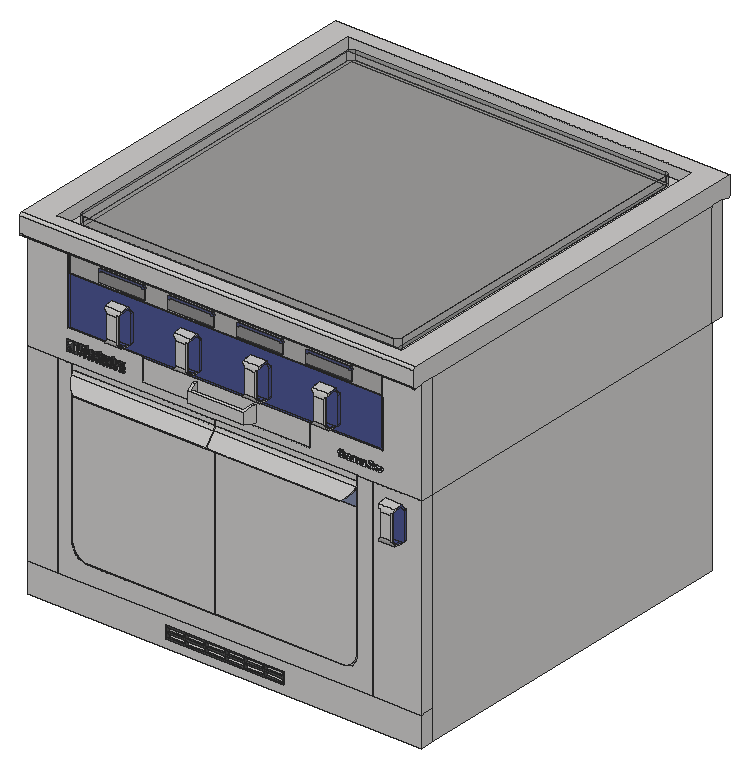
Revit family "QF_ELECTROLUXPROFESSIONAL_588469_MATHEAH4AO", category Attrezzature speciali, Revit 2020
Family settings
  Quota connettore circolare = Usa diametro
  Tipo di parte = Normale
  Basato su piano di lavoro = No
  Sempre verticale = Sì
  Taglio con vuoti quando caricato = No
  Condiviso = No
  Punto di calcolo locali = No
Parameters (values of type "Standard")
  Weight = 143.00 kg
  Watts = 14300 W
  Volts = 400 V
  URL Manufacturer = "https://www.electroluxprofessional.com/"
  URL = "https://www.electroluxprofessional.com/"
  Steam Supply Size = 0"
  Steam Supply Minimum Pressure = 0.00 psi
  Steam Supply Maximum Pressure = 0.00 psi
  Steam Consumption per Hour = 0
  Refrigeration Suction Line Size = 0 mm
  Refrigeration Liquid Line Size = 0 mm
  Refrigerant Compressor Remote = yes
  Prospetto di default = 0 mm
  Phase = 3
  Modello = "MATHEAH4AO"
  Produttore = "Electrolux Professional"
  Length Actual = 800 mm  # constant formula
  Item Number = "588469"
  Hot Water Size = 0"
  Height Actual = 700 mm  # constant formula
  HP = "19.2 HP"
  Gas Size = 0"
  Gas KW = 0
  Gas Input Pressure = 0.0 Btu/h
  Direct Waste Size = 0"
  Descrizione = "EL.FREE COOK.WARM.CAB.1S,800X800X700H"
  Depth Actual = 800 mm  # constant formula
  Cycle = 50 Hz
  Condensate Return Size = 0"
  Compressed Air Volume = 0 GPM
  Compressed Air Size = 0"
  Compressed Air Pressure = 0.00 psi
  Cold Water Size = 0"
  Accessory = yes
Reference planes
  plane 1 "BACK": y = 0
  plane 2: z = 0
  plane 3 "LEFT": x = 0
  plane 4 "RIGHT": x = 800
  plane 5 "FRONT": y = -800
  plane 6 "TOP": z = 900
  plane 7 "Center (Left/Right)": x = 400
  plane 8: y = -400
  plane 9: z = 200
  plane 10: y = -150
  plane 11 "Panel": y = -755
  plane 12: z = 798
  plane 13: z = 1327
  plane 14: x = 78
  plane 15: x = 722
  plane 16: y = -150
  plane 17: y = -650
  plane 18 "EIx": x = 755
  plane 19 "EIy": y = -585
  plane 20: x = 380
  plane 21 "BASE_TOP": z = 650
  plane 22: x = 60
  plane 23: x = 700
  plane 24: z = 260
Forms (mm)
  Extrusion 1, solid, material "QF_Finishes_Stainless Steel"
    sketch origin (-178.969, -4571, 200) x (-1, 0, 0) y (0, -1, 0)
      loop
        line (-178.969, -4526) -> (-178.969, -3816) -> (-978.969, -3816) -> (-978.969, -4526) -> (-178.969, -4526)
    from 450 to 663
  Extrusion 2, solid, material "QF_Finishes_Stainless Steel"
    sketch origin (0, 0, 0) x (0, 1, 0) y (0, 0, 1)
      loop
        line (-755, 200) -> (-755, 260) -> (-780, 260) -> (-780, 200) -> (-755, 200)
    from 0 to 800
  Extrusion 3, solid, material "QF_Finishes_Stainless Steel"
    sketch origin (-588.969, -4562, 200) x (-1, 0, 0) y (0, -1, 0)
      loop
        circle (-1343.969, -3977) r 6.35
    from 0 to -11.851
  Extrusion 4, solid, material "QF_Finishes_Stainless Steel"
    sketch origin (400, 296.4, 1219.2) x (0, 1, 0) y (0, 0, 1)
      loop
        line (-296.4, -319.2) -> (-1091.4, -319.2)
        arc (-1091.4, -319.2) -> (-1094.935, -320.664) -> (-1096.4, -324.2) r 5
        line (-1096.4, -324.2) -> (-1096.4, -355.2)
        arc (-1096.4, -355.2) -> (-1094.971, -358.264) -> (-1091.705, -359.139) r 4
        line (-1091.705, -359.139) -> (-1076.4, -356.231) -> (-316.4, -356.231) -> (-301.094, -359.139)
        arc (-301.094, -359.139) -> (-297.829, -358.264) -> (-296.4, -355.2) r 4
        line (-296.4, -355.2) -> (-296.4, -319.2)
    from -400 to 400
  Extrusion 5, solid, material "QF_Finishes_Electrolux_Black Smoke Iluminated"
    sketch origin (0, 0, 900) x (-1, 0, 0) y (0, -1, 0)
      loop
        arc (-85, 55) -> (-77.929, 57.929) -> (-75, 65) r 10
        line (-75, 65) -> (-75, 735)
        arc (-75, 735) -> (-77.929, 742.071) -> (-85, 745) r 10
        line (-85, 745) -> (-715, 745)
        arc (-715, 745) -> (-722.071, 742.071) -> (-725, 735) r 10
        line (-725, 735) -> (-725, 65)
        arc (-725, 65) -> (-722.071, 57.929) -> (-715, 55) r 10
        line (-715, 55) -> (-85, 55)
    from 0 to -20
  Extrusion 6, solid, material "QF_Finishes_Stainless Steel"
    sketch origin (-178.969, -4571, 200) x (-1, 0, 0) y (0, -1, 0)
      loop
        line (-178.969, -4526) -> (-178.969, -3816) -> (-978.969, -3816) -> (-978.969, -4526) -> (-178.969, -4526)
    from 450 to 0
  Extrusion 7, void
    sketch origin (0, -755, 0) x (-1, 0, 0) y (0, 0, 1)
      loop
        line (-520, 216.594) -> (-280, 216.594) -> (-280, 241.594) -> (-520, 241.594) -> (-520, 216.594)
    from 0 to -25
  Extrusion 8, solid, material "QF_Finishes_Black"
    sketch origin (0, -755, 0) x (-1, 0, 0) y (0, 0, 1)
      loop
        line (-280, 241.594) -> (-520, 241.594) -> (-520, 216.594) -> (-280, 216.594) -> (-280, 241.594)
      loop
        line (-282, 239.594) -> (-319.131, 239.594) -> (-319.131, 230.094) -> (-282, 230.094) -> (-282, 239.594)
      loop
        line (-282, 218.594) -> (-282, 228.094) -> (-319.131, 228.094) -> (-319.131, 218.594) -> (-282, 218.594)
      loop
        line (-321.131, 239.594) -> (-359.066, 239.594) -> (-359.066, 230.094) -> (-321.131, 230.094) -> (-321.131, 239.594)
      loop
        line (-399, 239.594) -> (-399, 230.094) -> (-361.066, 230.094) -> (-361.066, 239.594) -> (-399, 239.594)
      loop
        line (-401, 239.594) -> (-438.934, 239.594) -> (-438.934, 230.094) -> (-401, 230.094) -> (-401, 239.594)
      loop
        line (-359.066, 218.594) -> (-321.131, 218.594) -> (-321.131, 228.094) -> (-359.066, 228.094) -> (-359.066, 218.594)
      loop
        line (-361.066, 218.594) -> (-361.066, 228.094) -> (-399, 228.094) -> (-399, 218.594) -> (-361.066, 218.594)
      loop
        line (-401, 228.094) -> (-438.934, 228.094) -> (-438.934, 218.594) -> (-401, 218.594) -> (-401, 228.094)
      loop
        line (-518, 239.594) -> (-518, 230.094) -> (-480.869, 230.094) -> (-480.869, 239.594) -> (-518, 239.594)
      loop
        line (-518, 218.594) -> (-480.869, 218.594) -> (-480.869, 228.094) -> (-518, 228.094) -> (-518, 218.594)
      loop
        line (-478.869, 239.594) -> (-478.869, 230.094) -> (-440.934, 230.094) -> (-440.934, 239.594) -> (-478.869, 239.594)
      loop
        line (-440.934, 218.594) -> (-440.934, 228.094) -> (-478.869, 228.094) -> (-478.869, 218.594) -> (-440.934, 218.594)
    from -25.03 to -20
  Extrusion 9, void
    sketch origin (0, 0, 900) x (-1, 0, 0) y (0, -1, 0)
      loop
        line (-50, 770) -> (-750, 770) -> (-750, 30) -> (-50, 30) -> (-50, 770)
    from 0 to -25
  Extrusion 10, solid, material "QF_Finishes_Stainless Steel"
    sketch origin (0, 0, 900) x (-1, 0, 0) y (0, -1, 0)
      loop
        line (-82, 61) -> (-82, 738) -> (-718, 738) -> (-718, 61) -> (-82, 61)
    from -20 to -25
  Extrusion 11, solid, material "QF_Finishes_Stainless Steel"
    sketch origin (0, -755, 0) x (-1, 0, 0) y (0, 0, 1)
      loop
        line (0, 260) -> (0, 650) -> (-60, 650) -> (-60, 260) -> (0, 260)
    from 0 to -25.03
  Extrusion 12, solid, material "QF_Finishes_Stainless Steel"
    sketch origin (0, -755, 0) x (-1, 0, 0) y (0, 0, 1)
      loop
        line (-700, 260) -> (-700, 650) -> (-800, 650) -> (-800, 260) -> (-700, 260)
    from 0 to -25.03
  Extrusion 13, solid, material "QF_Finishes_Stainless Steel"
    sketch origin (70, -755, 0) x (-1, 0, 0) y (0, 0, 1)
      loop
        line (10, 260) -> (10, 650) -> (-20, 650) -> (-20, 325)
        arc (-20, 325) -> (-28.787, 303.787) -> (-50, 295) r 30
        line (-50, 295) -> (-570, 295)
        arc (-570, 295) -> (-591.213, 303.787) -> (-600, 325) r 30
        line (-600, 325) -> (-600, 650) -> (-630, 650) -> (-630, 260) -> (10, 260)
    from 0 to -25.03
  Extrusion 14, solid, material "QF_Finishes_Stainless Steel"
    sketch origin (0, 0, 0) x (1, 0, 0) y (0, 0, 1)
      loop
        line (0, 650) -> (800, 650) -> (800, 862.969) -> (0, 862.969) -> (0, 650)
    from 45 to 20
Cuts and joins
  Extrusion 7 cuts Extrusion 6
  Extrusion 7 cuts Extrusion 2
  Extrusion 9 cuts Extrusion 4
Lines and regions (mm)
  symbolic lines
    curve 1: line (0, 0, 200) -> (800, 0, 200)
    curve 2: line (0, -800, 200) -> (0, 0, 200)
    curve 3: line (800, -800, 200) -> (0, -800, 200)
    curve 4: line (800, 0, 200) -> (800, -800, 200)
    curve 5: line (715, -55, 200) -> (88, -55, 200)
    curve 6: line (85, -745, 200) -> (715, -745, 200)
    curve 7: line (725, -735, 200) -> (725, -65, 200)
    curve 8: arc (725, -65, 200) -> (722.071, -57.929, 200) -> (715, -55, 200) r 10
    curve 9: arc (715, -745, 200) -> (722.071, -742.071, 200) -> (725, -735, 200) r 10
    curve 10: line (750, -30, 900) -> (50, -30, 900)
    curve 11: line (50, -30, 900) -> (50, -770, 900)
    curve 12: line (750, -770, 900) -> (750, -30, 900)
    curve 13: line (50, -770, 900) -> (750, -770, 900)
    curve 15: arc (85, -55, 900) -> (77.929, -57.929, 900) -> (75, -65, 900) r 10
    curve 16: arc (75, -735, 900) -> (77.929, -742.071, 900) -> (85, -745, 900) r 10
  model lines, style "SpecialityEquipment"
    curve 14: line (75, -65, 900) -> (75, -735, 900)
Dimensions and locks
  plane 3 "LEFT" to plane 4 "RIGHT" = 800 mm
  plane 5 "FRONT" to plane 1 "BACK" = 800 mm
  equal spacing: plane 3 "LEFT", plane 7 "Center (Left/Right)", plane 4 "RIGHT"
  equal spacing: plane 5 "FRONT", plane 8, plane 1 "BACK"
  plane 9 to level = 200 mm
  plane 1 "BACK" to plane 10 to plane 11 "Panel" = 150 mm, 605 mm  (x2)
  plane 6 "TOP" to plane 9 to level = 700 mm, 200 mm
  plane 6 "TOP" to level = 900 mm
  plane 1 "BACK" to plane 5 "FRONT" = 800 mm
  plane 1 "BACK" to Extrusion 3 = 585 mm
  plane 12 to plane 9 = 598 mm
  plane 13 to plane 6 "TOP" = 427 mm
  plane 6 "TOP" to plane 12 = 102 mm
  plane 14 to plane 3 "LEFT" = 78 mm
  plane 15 to plane 4 "RIGHT" = 78 mm
  locked: plane 1 "BACK" to plane 16 at 150
  locked: plane 16 to plane 17 at 500
  plane 11 "Panel" to plane 5 "FRONT" = 45 mm
  plane 18 "EIx" to plane 4 "RIGHT" = 45 mm
  plane 19 "EIy" to plane 1 "BACK" = 585 mm
  plane 7 "Center (Left/Right)" to plane 20 = 20 mm
  locked: plane 22 to plane 3 "LEFT" at 60
  plane 23 to plane 4 "RIGHT" = 100 mm
  plane 6 "TOP" to plane 21 "BASE_TOP" to plane 9 to level = 250 mm, 450 mm, 200 mm
  aligned and locked: level to plane 2
  aligned and locked: Extrusion 2 to plane 4 "RIGHT"
  aligned and locked: Extrusion 12 to plane 4 "RIGHT"
  aligned and locked: Extrusion 12 to plane 23
  aligned and locked: plane 21 "BASE_TOP" to Extrusion 12
  aligned and locked: Extrusion 12 to plane 24
  aligned and locked: Extrusion 11 to plane 3 "LEFT"
  aligned and locked: plane 22 to Extrusion 11
  aligned and locked: Extrusion 11 to plane 24
  aligned and locked: Extrusion 13 sketch curve to plane 22
  aligned and locked: Extrusion 13 sketch curve to plane 23
  aligned and locked: Extrusion 13 sketch curve to plane 21 "BASE_TOP"
  aligned and locked: Extrusion 14 to plane 3 "LEFT"
  aligned and locked: Extrusion 14 to plane 21 "BASE_TOP"
  aligned and locked: Extrusion 14 to cut or joined group of Extrusion 4, Extrusion 9
  aligned and locked: plane 24 to cut or joined group of Extrusion 2, Extrusion 7
Automatic sketch dimensions
  Extrusion 1 sketch curve to plane 4 "RIGHT" = 0 mm
  Extrusion 1 sketch curve to plane 3 "LEFT" = 0 mm
  plane 11 "Panel" to Extrusion 1 sketch curve = 0 mm
  plane 1 "BACK" to Extrusion 1 sketch curve = 45 mm
  Extrusion 2 sketch curve to plane 9 = 0 mm
  Extrusion 2 sketch curve to plane 11 "Panel" = 0 mm
  plane 24 to Extrusion 2 sketch curve = 0 mm
  Extrusion 2 sketch curve to plane 5 "FRONT" = 20 mm
  Extrusion 3 sketch curve to plane 18 "EIx" = 0 mm
  Extrusion 3 sketch curve to plane 19 "EIy" = 0 mm
  Extrusion 4 sketch curve to plane 5 "FRONT" = 0 mm
  Extrusion 4 sketch curve to plane 6 "TOP" = 0 mm
  Extrusion 4 sketch curve to plane 1 "BACK" = 0 mm
  Extrusion 4 sketch curve to plane 5 "FRONT" = 4 mm
  Extrusion 4 sketch curve to Extrusion 4 sketch curve = 0.695 mm
  Extrusion 4 sketch curve to plane 5 "FRONT" = 5 mm
  Extrusion 4 sketch curve to Extrusion 4 sketch curve = 15.305 mm
  plane 1 "BACK" to Extrusion 4 sketch curve = 20 mm
  plane 1 "BACK" to Extrusion 4 sketch curve = 4.695 mm
  Extrusion 4 sketch curve to Extrusion 4 sketch curve = 4 mm
  Extrusion 4 sketch curve to Extrusion 4 sketch curve = 31 mm
  Extrusion 4 sketch curve to plane 6 "TOP" = 36 mm
  Extrusion 4 sketch curve to Extrusion 4 sketch curve = 2.909 mm
  Extrusion 5 sketch curve to plane 15 = 3 mm
  plane 14 to Extrusion 5 sketch curve = 3 mm
  plane 15 to Extrusion 5 sketch curve = 7 mm  (x2)
  Extrusion 5 sketch curve to Extrusion 5 sketch curve = 10 mm  (x2)
  plane 10 to Extrusion 5 sketch curve = 95 mm
  plane 17 to Extrusion 5 sketch curve = 85 mm
  Extrusion 6 sketch curve to plane 4 "RIGHT" = 0 mm
  Extrusion 6 sketch curve to plane 3 "LEFT" = 0 mm
  plane 11 "Panel" to Extrusion 6 sketch curve = 0 mm
  plane 1 "BACK" to Extrusion 6 sketch curve = 45 mm
  plane 9 to Extrusion 7 sketch curve = 41.594 mm
  plane 7 "Center (Left/Right)" to Extrusion 7 sketch curve = 120 mm
  Extrusion 7 sketch curve to plane 20 = 100 mm
  plane 9 to Extrusion 7 sketch curve = 16.594 mm
  plane 9 to Extrusion 8 sketch curve = 41.594 mm
  plane 7 "Center (Left/Right)" to Extrusion 8 sketch curve = 120 mm
  Extrusion 8 sketch curve to Extrusion 8 sketch curve = 2 mm  (x16)
  Extrusion 8 sketch curve to Extrusion 8 sketch curve = 0 mm  (x15)
  Extrusion 8 sketch curve to Extrusion 8 sketch curve = 37.131 mm  (x2)
  Extrusion 8 sketch curve to Extrusion 8 sketch curve = 37.934 mm  (x2)
  plane 7 "Center (Left/Right)" to Extrusion 8 sketch curve = 1 mm  (x2)
  Extrusion 8 sketch curve to plane 7 "Center (Left/Right)" = 1 mm  (x2)
  Extrusion 8 sketch curve to plane 20 = 18.934 mm
  plane 9 to Extrusion 8 sketch curve = 18.594 mm  (x4)
  Extrusion 8 sketch curve to Extrusion 8 sketch curve = 9.5 mm  (x6)
  plane 18 "EIx" to Extrusion 9 sketch curve = 5 mm
  Extrusion 9 sketch curve to plane 22 = 10 mm
  plane 10 to Extrusion 9 sketch curve = 120 mm
  Extrusion 9 sketch curve to plane 11 "Panel" = 15 mm
  plane 15 to Extrusion 10 sketch curve = 4 mm
  Extrusion 10 sketch curve to plane 14 = 4 mm
  plane 10 to Extrusion 10 sketch curve = 89 mm
  plane 17 to Extrusion 10 sketch curve = 88 mm
  Extrusion 11 sketch curve to plane 22 = 0 mm
  Extrusion 11 sketch curve to plane 3 "LEFT" = 0 mm
  Extrusion 11 sketch curve to plane 24 = 0 mm
  Extrusion 11 sketch curve to plane 21 "BASE_TOP" = 0 mm
  plane 4 "RIGHT" to Extrusion 12 sketch curve = 0 mm
  Extrusion 12 sketch curve to plane 21 "BASE_TOP" = 0 mm
  Extrusion 12 sketch curve to plane 23 = 0 mm
  Extrusion 12 sketch curve to plane 24 = 0 mm
  Extrusion 13 sketch curve to plane 21 "BASE_TOP" = 0 mm
  Extrusion 13 sketch curve to plane 24 = 0 mm
  Extrusion 13 sketch curve to plane 23 = 30 mm
  Extrusion 13 sketch curve to Extrusion 13 sketch curve = 30 mm
  Extrusion 13 sketch curve to plane 14 = 42 mm
  Extrusion 13 sketch curve to plane 14 = 12 mm
  plane 24 to Extrusion 13 sketch curve = 35 mm
  plane 21 "BASE_TOP" to Extrusion 14 sketch curve = 212.969 mm
  Extrusion 14 sketch curve to plane 23 = 700 mm
  plane 4 "RIGHT" to Extrusion 14 sketch curve = 0 mm
  plane 24 to Extrusion 14 sketch curve = 390 mm
  plane 1 "BACK" to curve 1 = 0 mm
  curve 1 to plane 4 "RIGHT" = 0 mm
  curve 2 to plane 3 "LEFT" = 0 mm
  plane 5 "FRONT" to curve 2 = 0 mm
  curve 7 to plane 15 = 3 mm
  plane 15 to curve 8 = 7 mm
  plane 15 to curve 6 = 7 mm
  plane 1 "BACK" to curve 5 = 55 mm
  plane 11 "Panel" to curve 9 = 20 mm
  curve 5 to plane 14 = 10 mm
  curve 6 to plane 14 = 7 mm
  plane 18 "EIx" to curve 13 = 5 mm
  curve 15 to plane 14 = 7 mm
  curve 16 to plane 14 = 7 mm
  plane 14 to curve 14 = 3 mm
  curve 11 to plane 22 = 10 mm
  plane 1 "BACK" to curve 14 = 65 mm
  plane 1 "BACK" to curve 10 = 30 mm
  plane 11 "Panel" to curve 14 = 20 mm
  curve 12 to plane 11 "Panel" = 15 mm
  radius of Extrusion 3 sketch curve = 6.35 mm
Nested families
  nested 1: "FIT Range Control Handle" at (745, -783.167, -372.751), type "FIT Range Control Handle"
  nested 2: "Front_Panel_W800_Four Knobs" at (202.376, -755, 0), type "Front_Panel_W800_Four Knobs"
  nested 3: "H450H2_2DOOR" at (343.958, -755, 200) x (1, 0, 0) z (0, -1, 0), type "H450H2_2DOOR"
    with Width 580 mm, Wdoor 290 mm, Show Clearance yes
  nested 4: "Warm" at (800, -800, 900), type "Warm"
Connectors
  electrical at (755, -585, 188.149)
    settings: on Extrusion 3, index 1, voltage 400 V, apparent load 33000 VA, apparent load phase1 0 VA, apparent load phase2 0 VA, apparent load phase3 0 VA, power factor 1, load classification "Other", number of poles 1, system type 30, power factor state 1, is connector primary yes, connector utility no, sub classification motor no, connector description "ELECTRICAL CONNECTION"
Definition of nested family "FIT Range Control Handle"
  Parameters
    Default Elevation = 0 mm
  Reference planes
    plane 1 "Center (Front/Back)": y = 0
    plane 2: z = 0
    plane 3 "Center (Left/Right)": x = 0
    plane 4: z = 971.092
    plane 5: y = -16.8
  Forms (mm)
    Extrusion 1, solid
      sketch origin (-746.28, 380.497, 208.931) x (-1, 0, 0) y (0, 0, 1)
        loop
          line (-770.101, 786.798) -> (-770.101, 731.649)
          arc (-770.101, 731.649) -> (-769.759, 730.563) -> (-768.855, 729.87) r 1.893
          line (-768.855, 729.87) -> (-763.474, 727.911) -> (-729.81, 727.911) -> (-724.428, 729.87)
          arc (-724.428, 729.87) -> (-723.525, 730.563) -> (-723.183, 731.649) r 1.893
          line (-723.183, 731.649) -> (-723.183, 786.798)
          arc (-723.183, 786.798) -> (-723.529, 787.894) -> (-724.44, 788.593) r 1.91
          line (-724.44, 788.593) -> (-729.683, 790.819) -> (-763.601, 790.819) -> (-768.844, 788.593)
          arc (-768.844, 788.593) -> (-769.755, 787.894) -> (-770.101, 786.798) r 1.91
      from -382.35 to -378.852
    Sweep 2, solid
      path origin (-746.788, 380.496, 208.091) x (0, -1, 0) y (0, 0, 1)
        loop
          line (379.775, 793.281) -> (395.661, 791.048)
          arc (395.661, 791.048) -> (397.781, 787.377) -> (398.517, 783.202) r 12.207
          line (398.517, 783.202) -> (398.517, 737.368)
          arc (398.517, 737.368) -> (397.781, 733.193) -> (395.661, 729.522) r 12.207
          line (395.661, 729.522) -> (379.775, 727.289)
      profile origin (-746.788, -7.222, 1000.256) x (0, -0.139173, 0.990268) y (-1, 0, 0)
        loop
          line (0.782, -763.123) -> (0.782, -730.907) -> (-1.322, -730.907) -> (-1.322, -763.123) -> (0.782, -763.123)
    Sweep 3, solid
      path origin (-746.788, 380.715, 207.832) x (0, -1, 0) y (0, 0, 1)
        loop
          line (380.478, 795.442) -> (397.218, 793.09)
          arc (397.218, 793.09) -> (399.929, 788.473) -> (400.871, 783.202) r 15.207
          line (400.871, 783.202) -> (400.871, 737.584)
          arc (400.871, 737.584) -> (399.914, 732.274) -> (397.164, 727.633) r 15.207
          line (397.164, 727.633) -> (380.601, 725.305)
      profile origin (-746.788, -8.132, 1002.099) x (0, -0.139173, 0.990268) y (-1, 0, 0)
        loop
          line (0.782, -763.123) -> (0.782, -730.907) -> (-1.322, -730.907) -> (-1.322, -763.123) -> (0.782, -763.123)
    Extrusion 4, void
      sketch origin (889.253, 220.666, 207.993) x (1, 0, 0) y (0, 0, 1)
        loop
          line (-943.038, 816.854) -> (-943.038, 703.686) -> (-899.466, 734.196) -> (-899.466, 786.344) -> (-943.038, 816.854)
      from 230.636 to 242.25
    Extrusion 5, void
      sketch origin (-888.8, 220.666, 207.993) x (-1, 0, 0) y (0, 0, -1)
        loop
          line (-943.038, -816.854) -> (-899.466, -786.344) -> (-899.466, -734.196) -> (-943.038, -703.686) -> (-943.038, -816.854)
      from 230.636 to 242.25
    Extrusion 6, solid
      sketch origin (0, 0, 0) x (1, 0, 0) y (0, 0, 1)
        loop
          circle (0, 971.092) r 7.736
      from -3.137 to -1.645
  Cuts and joins
    Extrusion 4, Extrusion 5 cuts Sweep 3
    Extrusion 4, Extrusion 5 cuts Sweep 2
    joined: Extrusion 1, Extrusion 6
  Lines and regions (mm)
    symbolic lines
      curve 1: line (-15.881, -19.189, 0) -> (-15.881, -16.8, 0)
      curve 2: line (16.334, -19.189, 0) -> (16.334, -16.8, 0)
      curve 3: spline (-15.881, -19.189, 0) -> (-15.417, -19.349, 0) -> (-14.951, -19.501, 0) -> (-14.483, -19.646, 0) -> (-14.014, -19.783, 0) -> (-13.543, -19.912, 0) -> (-13.071, -20.033, 0) -> (-12.597, -20.146, 0) -> (-12.122, -20.251, 0) -> (-11.646, -20.349, 0) -> (-11.169, -20.438, 0) -> (-10.691, -20.52, 0) -> (-10.213, -20.593, 0)
      curve 4: spline (10.666, -20.593, 0) -> (11.144, -20.52, 0) -> (11.622, -20.438, 0) -> (12.099, -20.349, 0) -> (12.575, -20.251, 0) -> (13.05, -20.146, 0) -> (13.524, -20.033, 0) -> (13.996, -19.912, 0) -> (14.467, -19.783, 0) -> (14.936, -19.646, 0) -> (15.404, -19.501, 0) -> (15.87, -19.349, 0) -> (16.334, -19.189, 0)
      curve 5: line (-10.213, -20.938, 0) -> (10.716, -20.938, 0)
  Dimensions and locks
    cut or joined group of Sweep 3, Extrusion 4, Extrusion 5 to cut or joined group of Sweep 3, Extrusion 4, Extrusion 5 = 71.686 mm
Definition of nested family "Front_Panel_W800_Four Knobs"
  Parameters
    Default Elevation = 0 mm
  Reference planes
    plane 1 "Center (Front/Back)": y = 0
    plane 2: z = 0
    plane 3 "Center (Left/Right)": x = 197.624
    plane 4 "Left": x = -202.376
    plane 5 "Right": x = 597.624
    plane 6: y = -45
    plane 7: x = -12.376
    plane 8: x = 127.624
    plane 9: y = -310
    plane 10: y = -25
    plane 11: x = 517.624
    plane 12: x = -122.376
  Forms (mm)
    Extrusion 1, solid
      sketch origin (833.217, 829.203, -1.25) x (0, 1, 0) y (0, 0, 1)
        loop
          line (-854.203, 651.25) -> (-829.203, 651.25) -> (-829.203, 864.25) -> (-854.203, 864.25) -> (-854.203, 651.25)
      from -1035.593 to -235.593
    Extrusion 2, void
      sketch origin (0, 0, 0) x (1, 0, 0) y (0, 0, 1)
        loop
          line (-122.376, 853.866) -> (-122.376, 711.866) -> (517.624, 711.866) -> (517.624, 853.866) -> (-122.376, 853.866)
      from 19.387 to 33.951
    Extrusion 3, void
      sketch origin (0, 0, 0) x (1, 0, 0) y (0, 0, 1)
        loop
          line (30.124, 711.866) -> (30.124, 666.866) -> (370.124, 666.866) -> (370.124, 711.866) -> (30.124, 711.866)
      from 19.387 to 25
    Extrusion 4, solid
      sketch origin (0, 0, 0) x (1, 0, 0) y (0, 0, 1)
        loop
          line (31.124, 710.866) -> (31.124, 667.866) -> (369.124, 667.866) -> (369.124, 710.866) -> (31.124, 710.866)
      from 19.387 to 25
    Extrusion 5, solid
      sketch origin (0, 0, 0) x (1, 0, 0) y (0, 1, 0)
        loop
          line (141.059, -25) -> (135.966, -25) -> (140.646, -49.075) -> (254.603, -49.075) -> (259.283, -25) -> (254.189, -25) -> (250.481, -44.075) -> (144.767, -44.075) -> (141.059, -25)
      from 672.593 to 705.67
    Extrusion 6, void
      sketch origin (197.624, 0, 0) x (0, 1, 0) y (0, 0, 1)
        loop
          line (-30, 705.67) -> (-30, 710.67) -> (-56.744, 710.67) -> (-56.744, 667.593) -> (-30, 667.593) -> (-30, 672.593) -> (-53.776, 680.318) -> (-53.776, 697.945) -> (-30, 705.67)
      from -70 to 70
    Extrusion 7, solid, detail levels coarse
      sketch origin (0, -265, 0) x (1, 0, 0) y (0, 1, 0)
        loop
          line (140.646, -69.075) -> (254.603, -69.075) -> (259.283, -45) -> (364.124, -45) -> (364.124, 240) -> (31.124, 240) -> (31.124, -45) -> (135.966, -45) -> (140.646, -69.075)
      from 672.593 to 705.67
    Extrusion 8, void
      sketch origin (197.624, -280, 0) x (0, 1, 0) y (0, 0, 1)
        loop
          line (-30, 705.67) -> (-30, 710.67) -> (-56.744, 710.67) -> (-56.744, 667.593) -> (-30, 667.593) -> (-30, 672.593) -> (-53.776, 680.318) -> (-53.776, 697.945) -> (-30, 705.67)
      from -70 to 70
  Cuts and joins
    Extrusion 2, Extrusion 3 cuts Extrusion 1
    Extrusion 6, Extrusion 8 cuts Extrusion 5
    Extrusion 8 cuts Extrusion 7
  Lines and regions (mm)
    symbolic lines
      curve 1: line (31.124, -45, 0) -> (31.124, -310, 0)
      curve 2: line (31.124, -310, 0) -> (364.124, -310, 0)
      curve 3: line (135.966, -310, 0) -> (140.646, -334.075, 0)
      curve 4: line (140.646, -334.075, 0) -> (254.603, -334.075, 0)
      curve 5: line (254.603, -334.075, 0) -> (259.283, -310, 0)
      curve 6: line (364.124, -310, 0) -> (364.124, -45, 0)
      curve 7: line (31.124, -300, 0) -> (364.124, -300, 0)
      curve 8: line (140.874, -309.046, 0) -> (144.767, -329.075, 0)
      curve 9: line (144.767, -329.075, 0) -> (250.481, -329.075, 0)
      curve 10: line (250.481, -329.075, 0) -> (254.375, -309.046, 0)
  Dimensions and locks
    equal spacing: plane 5 "Right", plane 3 "Center (Left/Right)", plane 4 "Left"
    plane 5 "Right" to plane 4 "Left" = 800 mm
    plane 3 "Center (Left/Right)" to plane 7 = 210 mm
    plane 3 "Center (Left/Right)" to plane 8 = 70 mm
    plane 6 to plane 9 = 265 mm
    aligned and locked: cut or joined group of Extrusion 1, Extrusion 2, Extrusion 3 to plane 4 "Left"
    aligned and locked: plane 5 "Right" to cut or joined group of Extrusion 1, Extrusion 2, Extrusion 3
    aligned and locked: plane 3 "Center (Left/Right)" to nested 2
    aligned and locked: cut or joined group of Extrusion 1, Extrusion 2, Extrusion 3 to nested 2
  Automatic sketch dimensions
    plane 7 to Extrusion 3 sketch curve = 42.5 mm
    plane 3 "Center (Left/Right)" to Extrusion 3 sketch curve = 172.5 mm
    level to Extrusion 3 sketch curve = 666.866 mm
    Extrusion 3 sketch curve to Extrusion 3 sketch curve = 45 mm
    plane 7 to Extrusion 4 sketch curve = 43.5 mm
    plane 3 "Center (Left/Right)" to Extrusion 4 sketch curve = 171.5 mm
    level to Extrusion 4 sketch curve = 667.866 mm
    Extrusion 4 sketch curve to Extrusion 4 sketch curve = 43 mm
    plane 8 to Extrusion 5 sketch curve = 8.342 mm
    plane 6 to Extrusion 5 sketch curve = 4.075 mm
    plane 8 to Extrusion 5 sketch curve = 13.021 mm
    Extrusion 5 sketch curve to Extrusion 5 sketch curve = 5.094 mm  (x2)
    Extrusion 5 sketch curve to plane 6 = 0.925 mm
    Extrusion 5 sketch curve to Extrusion 5 sketch curve = 4.122 mm  (x2)
    plane 3 "Center (Left/Right)" to Extrusion 5 sketch curve = 52.857 mm
    Extrusion 5 sketch curve to plane 6 = 20 mm  (x2)
    Extrusion 5 sketch curve to Extrusion 5 sketch curve = 3.708 mm
    plane 6 to Extrusion 6 sketch curve = 11.744 mm
    plane 6 to Extrusion 6 sketch curve = 8.776 mm
    Extrusion 6 sketch curve to plane 6 = 15 mm  (x2)
    level to Extrusion 6 sketch curve = 667.593 mm
    Extrusion 6 sketch curve to Extrusion 6 sketch curve = 5 mm
    Extrusion 6 sketch curve to Extrusion 6 sketch curve = 12.725 mm  (x2)
    Extrusion 6 sketch curve to Extrusion 6 sketch curve = 17.627 mm
    Extrusion 6 sketch curve to Extrusion 6 sketch curve = 7.725 mm
    Extrusion 8 sketch curve to plane 9 = 26.744 mm
    Extrusion 8 sketch curve to plane 9 = 23.776 mm
    plane 9 to Extrusion 8 sketch curve = 0 mm  (x2)
    level to Extrusion 8 sketch curve = 667.593 mm
    Extrusion 8 sketch curve to Extrusion 8 sketch curve = 5 mm
    Extrusion 8 sketch curve to Extrusion 8 sketch curve = 12.725 mm  (x2)
    Extrusion 8 sketch curve to Extrusion 8 sketch curve = 17.627 mm
    Extrusion 8 sketch curve to Extrusion 8 sketch curve = 7.725 mm
    plane 9 to Extrusion 7 sketch curve = 0 mm  (x2)
    plane 7 to Extrusion 7 sketch curve = 43.5 mm
    plane 8 to Extrusion 7 sketch curve = 8.342 mm
    Extrusion 7 sketch curve to plane 9 = 24.075 mm
    plane 8 to Extrusion 7 sketch curve = 13.021 mm
    Extrusion 7 sketch curve to Extrusion 7 sketch curve = 104.842 mm
    Extrusion 7 sketch curve to plane 6 = 20 mm
    plane 3 "Center (Left/Right)" to Extrusion 7 sketch curve = 56.979 mm
    Extrusion 7 sketch curve to Extrusion 7 sketch curve = 4.68 mm
    Extrusion 1 sketch curve to plane 1 "Center (Front/Back)" = 0 mm
    level to Extrusion 1 sketch curve = 650 mm
    plane 4 "Left" to Extrusion 2 sketch curve = 80 mm
    Extrusion 2 sketch curve to plane 5 "Right" = 80 mm
    level to Extrusion 2 sketch curve = 711.866 mm
    Extrusion 2 sketch curve to Extrusion 2 sketch curve = 142 mm
    plane 6 to curve 1 = 0 mm
    plane 6 to curve 6 = 0 mm
    plane 9 to curve 1 = 0 mm
    plane 7 to curve 1 = 43.5 mm
    curve 4 to plane 9 = 24.075 mm
    plane 8 to curve 4 = 13.021 mm
    curve 3 to curve 8 = 4.122 mm
    plane 3 "Center (Left/Right)" to curve 4 = 56.979 mm
    curve 4 to curve 2 = 109.521 mm
    plane 8 to curve 3 = 8.342 mm
    curve 3 to curve 8 = 4.908 mm
    curve 9 to curve 4 = 4.122 mm
    curve 10 to plane 9 = 19.075 mm
    curve 9 to curve 5 = 8.801 mm
    plane 9 to curve 10 = 0.954 mm
    curve 10 to curve 5 = 4.908 mm
    curve 3 to curve 8 = 0.954 mm
    curve 1 to curve 7 = 10 mm
    Extrusion 1 sketch curve to plane 6 = 20 mm
    Extrusion 1 sketch curve to Extrusion 1 sketch curve = 213 mm
  Nested families
    nested 1: "Range Control Handle" at (-12.376, -28.137, -209.113) x (-1, 0, 0) z (0, 0, 1), type "Range Control Handle"
    nested 2: "Front glass control panel W800" at (197.624, 280.644, 2.752), type "Front glass control panel W800"
    nested 3: "Range Control Handle" at (127.624, -28.137, -209.113) x (-1, 0, 0) z (0, 0, 1), type "Range Control Handle"
    nested 4: "Range Control Handle" at (407.624, -28.137, -209.113), type "Range Control Handle"
    nested 5: "Range Control Handle" at (267.624, -28.137, -209.113), type "Range Control Handle"
    nested 6: "ELX_ThermaLine_Small" at (468.838, -25, 679.426) x (1, 0, 0) z (0, -1, 0), type "ELX_ThermaLine_Small"
      with Show Logo yes, Material_Logo none
    nested 7: "ELX_Professional_Logo_Small" at (-62.89, -25, 681.659) x (1, 0, 0) z (0, -1, 0), type "ELX_Professional_Logo_Small"
      with Show Logo yes, Material_Logo none
  Definition of nested family "Range Control Handle"
    Parameters
      Default Elevation = 0 mm
    Reference planes
      plane 1 "Center (Front/Back)": y = 0
      plane 2: z = 0
      plane 3 "Center (Left/Right)": x = 0
      plane 4: z = 971.092
      plane 5: y = -16.9
    Forms (mm)
      Extrusion 1, solid
        sketch origin (-746.28, 380.497, 208.931) x (-1, 0, 0) y (0, 0, 1)
          loop
            line (-770.101, 786.798) -> (-770.101, 731.649)
            arc (-770.101, 731.649) -> (-769.759, 730.563) -> (-768.855, 729.87) r 1.893
            line (-768.855, 729.87) -> (-763.474, 727.911) -> (-729.81, 727.911) -> (-724.428, 729.87)
            arc (-724.428, 729.87) -> (-723.525, 730.563) -> (-723.183, 731.649) r 1.893
            line (-723.183, 731.649) -> (-723.183, 786.798)
            arc (-723.183, 786.798) -> (-723.529, 787.894) -> (-724.44, 788.593) r 1.91
            line (-724.44, 788.593) -> (-729.683, 790.819) -> (-763.601, 790.819) -> (-768.844, 788.593)
            arc (-768.844, 788.593) -> (-769.755, 787.894) -> (-770.101, 786.798) r 1.91
        from -382.35 to -378.852
      Sweep 2, solid
        path origin (-746.788, 380.496, 208.091) x (0, -1, 0) y (0, 0, 1)
          loop
            line (379.775, 793.281) -> (395.661, 791.048)
            arc (395.661, 791.048) -> (397.781, 787.377) -> (398.517, 783.202) r 12.207
            line (398.517, 783.202) -> (398.517, 737.368)
            arc (398.517, 737.368) -> (397.781, 733.193) -> (395.661, 729.522) r 12.207
            line (395.661, 729.522) -> (379.775, 727.289)
        profile origin (-746.788, -7.222, 1000.256) x (0, -0.139173, 0.990268) y (-1, 0, 0)
          loop
            line (0.782, -763.123) -> (0.782, -730.907) -> (-1.322, -730.907) -> (-1.322, -763.123) -> (0.782, -763.123)
      Sweep 3, solid
        path origin (-746.788, 380.715, 207.832) x (0, -1, 0) y (0, 0, 1)
          loop
            line (380.478, 795.442) -> (397.218, 793.09)
            arc (397.218, 793.09) -> (399.929, 788.473) -> (400.871, 783.202) r 15.207
            line (400.871, 783.202) -> (400.871, 737.584)
            arc (400.871, 737.584) -> (399.914, 732.274) -> (397.164, 727.633) r 15.207
            line (397.164, 727.633) -> (380.601, 725.305)
        profile origin (-746.788, -8.132, 1002.099) x (0, -0.139173, 0.990268) y (-1, 0, 0)
          loop
            line (0.782, -763.123) -> (0.782, -730.907) -> (-1.322, -730.907) -> (-1.322, -763.123) -> (0.782, -763.123)
      Extrusion 4, void
        sketch origin (889.253, 220.666, 207.993) x (1, 0, 0) y (0, 0, 1)
          loop
            line (-943.038, 816.854) -> (-943.038, 703.686) -> (-899.466, 734.196) -> (-899.466, 786.344) -> (-943.038, 816.854)
        from 230.636 to 242.25
      Extrusion 5, void
        sketch origin (-888.8, 220.666, 207.993) x (-1, 0, 0) y (0, 0, -1)
          loop
            line (-943.038, -816.854) -> (-899.466, -786.344) -> (-899.466, -734.196) -> (-943.038, -703.686) -> (-943.038, -816.854)
        from 230.636 to 242.25
      Extrusion 6, solid
        sketch origin (0, 0, 0) x (1, 0, 0) y (0, 0, 1)
          loop
            circle (0, 971.092) r 7.736
        from -3.137 to -1.645
    Cuts and joins
      Extrusion 4, Extrusion 5 cuts Sweep 3
      Extrusion 4, Extrusion 5 cuts Sweep 2
      joined: Extrusion 1, Extrusion 6
    Lines and regions (mm)
      symbolic lines
        curve 1: line (16.334, -16.9, 0) -> (16.334, -19.227, 0)
        curve 2: spline (16.334, -19.227, 0) -> (15.87, -19.385, 0) -> (15.404, -19.536, 0) -> (14.936, -19.678, 0) -> (14.466, -19.813, 0) -> (13.995, -19.94, 0) -> (13.523, -20.059, 0) -> (13.049, -20.171, 0) -> (12.575, -20.274, 0) -> (12.099, -20.37, 0) -> (11.622, -20.458, 0) -> (11.144, -20.537, 0) -> (10.666, -20.609, 0)
        curve 3: line (10.666, -16.9, 0) -> (10.666, -20.938, 0)
        curve 4: line (-10.213, -20.938, 0) -> (10.666, -20.938, 0)
        curve 5: line (-10.213, -20.938, 0) -> (-10.213, -16.9, 0)
        curve 6: spline (-10.213, -20.609, 0) -> (-10.691, -20.537, 0) -> (-11.169, -20.458, 0) -> (-11.646, -20.37, 0) -> (-12.122, -20.274, 0) -> (-12.597, -20.171, 0) -> (-13.07, -20.059, 0) -> (-13.542, -19.94, 0) -> (-14.013, -19.813, 0) -> (-14.483, -19.678, 0) -> (-14.951, -19.536, 0) -> (-15.417, -19.385, 0) -> (-15.881, -19.227, 0)
        curve 7: line (-15.881, -19.227, 0) -> (-15.881, -16.9, 0)
  Definition of nested family "Front glass control panel W800"
    Parameters
      Default Elevation = 0 mm
    Reference planes
      plane 1 "Center (Front/Back)": y = 0
      plane 2: z = 0
      plane 3 "Center (Left/Right)": x = 0
    Forms (mm)
      Extrusion 1, solid
        sketch origin (378.286, 0, 0.617) x (1, 0, 0) y (0, 0, 1)
          loop
            line (-698.286, 806.791) -> (-698.286, 708.497) -> (-58.286, 708.497) -> (-58.286, 806.791) -> (-698.286, 806.791)
        from 300.031 to 304.8
      Extrusion 2, solid
        sketch origin (378.286, 0, 0.617) x (1, 0, 0) y (0, 0, 1)
          loop
            line (-698.286, 850.497) -> (-698.286, 806.791) -> (-58.286, 806.791) -> (-58.286, 850.497) -> (-698.286, 850.497)
        from 300.031 to 304.8
      Extrusion 3, void
        sketch origin (378.286, 0, 0.617) x (1, 0, 0) y (0, 0, 1)
          loop
            line (-695.628, 847.565) -> (-695.628, 710.699) -> (-61.196, 710.699) -> (-61.196, 847.565) -> (-695.628, 847.565)
        from 303.697 to 304.8
      Extrusion 4, solid
        sketch origin (-378.333, 1.101, -0.633) x (-1, 0, 0) y (0, 0, -1)
          loop
            line (-261.431, -812.62) -> (-355.186, -812.62) -> (-355.186, -834.177) -> (-350.269, -834.177) -> (-348.469, -835.977) -> (-268.039, -835.977) -> (-266.24, -834.177) -> (-261.431, -834.177) -> (-261.431, -812.62)
        from 304.798 to 306.745
      Extrusion 5, solid
        sketch origin (-378.333, 1.101, -0.633) x (-1, 0, 0) y (0, 0, -1)
          loop
            line (-350.269, -834.177) -> (-355.078, -834.177)
            arc (-355.078, -834.177) -> (-353.942, -838.747) -> (-349.686, -840.763) r 5.5
            line (-349.686, -840.763) -> (-266.98, -840.763)
            arc (-266.98, -840.763) -> (-262.706, -838.752) -> (-261.529, -834.177) r 5.549
            line (-261.529, -834.177) -> (-266.24, -834.177) -> (-268.039, -835.977) -> (-348.469, -835.977) -> (-350.269, -834.177)
        from 304.798 to 306.745
      Extrusion 6, solid
        sketch origin (-518.333, 1.101, -0.633) x (-1, 0, 0) y (0, 0, -1)
          loop
            line (-261.431, -812.62) -> (-355.186, -812.62) -> (-355.186, -834.177) -> (-350.269, -834.177) -> (-348.469, -835.977) -> (-268.039, -835.977) -> (-266.24, -834.177) -> (-261.431, -834.177) -> (-261.431, -812.62)
        from 304.798 to 306.745
      Extrusion 7, solid
        sketch origin (-518.333, 1.101, -0.633) x (-1, 0, 0) y (0, 0, -1)
          loop
            line (-350.269, -834.177) -> (-355.078, -834.177)
            arc (-355.078, -834.177) -> (-353.942, -838.747) -> (-349.686, -840.763) r 5.5
            line (-349.686, -840.763) -> (-266.98, -840.763)
            arc (-266.98, -840.763) -> (-262.706, -838.752) -> (-261.529, -834.177) r 5.549
            line (-261.529, -834.177) -> (-266.24, -834.177) -> (-268.039, -835.977) -> (-348.469, -835.977) -> (-350.269, -834.177)
        from 304.798 to 306.745
      Extrusion 8, solid
        sketch origin (378.333, 1.101, -0.633) x (1, 0, 0) y (0, 0, 1)
          loop
            line (-261.431, 812.62) -> (-261.431, 834.177) -> (-266.24, 834.177) -> (-268.039, 835.977) -> (-348.469, 835.977) -> (-350.269, 834.177) -> (-355.186, 834.177) -> (-355.186, 812.62) -> (-261.431, 812.62)
        from 304.798 to 306.745
      Extrusion 9, solid
        sketch origin (378.333, 1.101, -0.633) x (1, 0, 0) y (0, 0, 1)
          loop
            line (-350.269, 834.177) -> (-348.469, 835.977) -> (-268.039, 835.977) -> (-266.24, 834.177) -> (-261.529, 834.177)
            arc (-261.529, 834.177) -> (-262.706, 838.752) -> (-266.98, 840.763) r 5.549
            line (-266.98, 840.763) -> (-349.686, 840.763)
            arc (-349.686, 840.763) -> (-353.942, 838.747) -> (-355.078, 834.177) r 5.5
            line (-355.078, 834.177) -> (-350.269, 834.177)
        from 304.798 to 306.745
      Extrusion 10, solid
        sketch origin (518.333, 1.101, -0.633) x (1, 0, 0) y (0, 0, 1)
          loop
            line (-261.431, 812.62) -> (-261.431, 834.177) -> (-266.24, 834.177) -> (-268.039, 835.977) -> (-348.469, 835.977) -> (-350.269, 834.177) -> (-355.186, 834.177) -> (-355.186, 812.62) -> (-261.431, 812.62)
        from 304.798 to 306.745
      Extrusion 11, solid
        sketch origin (518.333, 1.101, -0.633) x (1, 0, 0) y (0, 0, 1)
          loop
            line (-350.269, 834.177) -> (-348.469, 835.977) -> (-268.039, 835.977) -> (-266.24, 834.177) -> (-261.529, 834.177)
            arc (-261.529, 834.177) -> (-262.706, 838.752) -> (-266.98, 840.763) r 5.549
            line (-266.98, 840.763) -> (-349.686, 840.763)
            arc (-349.686, 840.763) -> (-353.942, 838.747) -> (-355.078, 834.177) r 5.5
            line (-355.078, 834.177) -> (-350.269, 834.177)
        from 304.798 to 306.745
    Cuts and joins
      Extrusion 3 cuts Extrusion 1
      Extrusion 3 cuts Extrusion 2
    Dimensions and locks
      aligned and locked: Extrusion 1 to Extrusion 2
      aligned and locked: Extrusion 5 sketch curve to Extrusion 4  (x5)
      aligned and locked: Extrusion 5 to Extrusion 4
      aligned and locked: Extrusion 7 sketch curve to Extrusion 6  (x5)
      aligned and locked: Extrusion 7 to Extrusion 6
      aligned and locked: Extrusion 9 sketch curve to Extrusion 8  (x4)
      aligned and locked: Extrusion 8 to Extrusion 9 sketch curve
      aligned and locked: Extrusion 9 to Extrusion 8
      aligned and locked: Extrusion 11 sketch curve to Extrusion 10  (x4)
      aligned and locked: Extrusion 10 to Extrusion 11 sketch curve
      aligned and locked: Extrusion 11 to Extrusion 10
  Definition of nested family "ELX_ThermaLine_Small"
    Parameters
      Show Logo [instance] = yes
      Material_Logo [instance] = none
      Default Elevation = 0 mm
    Reference planes
      plane 1 "Centro (Fronte/Retro)": y = 0
      plane 2: z = 0
      plane 3 "Centro (Sinistra/Destra)": x = 0
    Forms (mm)
      Extrusion 1, solid
        sketch origin (0, 0, 0) x (1, 0, 0) y (0, 1, 0)
          loop
            line (-1219.2, 1219.2) -> (-1219.2, -1219.2) -> (1219.2, -1219.2) -> (1219.2, 1219.2) -> (-1219.2, 1219.2)
        from 0 to -304.8
      Extrusion 2, solid
        sketch origin (0, 0, 0) x (1, 0, 0) y (0, 1, 0)
          loop
            line (-37.494, 1.229) -> (-35.908, 1.229) -> (-35.908, 3.066) -> (-37.494, 3.066) -> (-37.494, 6.221) -> (-39.867, 4.881) -> (-39.867, 3.066) -> (-40.969, 3.066) -> (-40.969, 1.229) -> (-39.867, 1.229) -> (-39.867, -3.407)
            arc (-39.867, -3.407) -> (-38.982, -5.513) -> (-36.751, -6.001) r 2.478
            line (-36.751, -6.001) -> (-35.638, -5.7) -> (-35.9, -3.835) -> (-36.661, -4.039)
            arc (-36.661, -4.039) -> (-37.236, -3.924) -> (-37.494, -3.399) r 0.662
            line (-37.494, -3.399) -> (-37.494, 1.229)
          loop
            line (-34.242, 6.539) -> (-34.242, -5.848) -> (-31.854, -5.848) -> (-31.854, -0.078)
            arc (-31.854, -0.078) -> (-30.939, 1.249) -> (-29.33, 1.367) r 1.866
            arc (-29.33, 1.367) -> (-28.695, 0.768) -> (-28.461, -0.073) r 1.627
            line (-28.461, -0.073) -> (-28.461, -5.848) -> (-26.086, -5.848) -> (-26.064, -0.46)
            arc (-26.064, -0.46) -> (-26.261, 0.932) -> (-26.786, 2.237) r 5.825
            arc (-26.786, 2.237) -> (-29.381, 3.264) -> (-31.854, 1.971) r 3.353
            line (-31.854, 1.971) -> (-31.854, 6.539) -> (-34.242, 6.539)
          loop
            arc (-18.398, -0.598) -> (-18.893, 0.879) -> (-20.326, 1.487) r 1.897
            arc (-20.326, 1.487) -> (-21.461, 0.708) -> (-21.897, -0.598) r 2.164
            line (-21.897, -0.598) -> (-18.398, -0.598)
          loop
            arc (-16.021, -2.044) -> (-16.754, 1.227) -> (-19.444, 3.226) r 4.814
            arc (-19.444, 3.226) -> (-22.137, 2.788) -> (-23.943, 0.743) r 4.054
            arc (-23.943, 0.743) -> (-24.382, -1.249) -> (-24.162, -3.276) r 6.289
            arc (-24.162, -3.276) -> (-23.302, -4.71) -> (-21.958, -5.705) r 4.28
            arc (-21.958, -5.705) -> (-18.558, -5.814) -> (-16.152, -3.409) r 4.28
            line (-16.152, -3.409) -> (-18.5, -2.995)
            arc (-18.5, -2.995) -> (-19.273, -3.994) -> (-20.533, -4.076) r 1.536
            arc (-20.533, -4.076) -> (-21.56, -3.281) -> (-21.958, -2.044) r 2.197
            line (-21.958, -2.044) -> (-16.021, -2.044)
          loop
            line (-14.165, -5.848) -> (-11.819, -5.848) -> (-11.819, -2.138)
            arc (-11.819, -2.138) -> (-11.787, -1.156) -> (-11.637, -0.185) r 8.18
            arc (-11.637, -0.185) -> (-10.644, 0.972) -> (-9.132, 0.776) r 1.603
            line (-9.132, 0.776) -> (-8.419, 2.846)
            arc (-8.419, 2.846) -> (-10.432, 3.118) -> (-11.994, 1.821) r 2.527
            line (-11.994, 1.821) -> (-11.994, 3.094) -> (-14.165, 3.094) -> (-14.165, -5.848)
          loop
            line (-7.579, 3.094) -> (-7.579, -5.848) -> (-5.178, -5.848) -> (-5.178, -0.756)
            arc (-5.178, -0.756) -> (-4.727, 0.679) -> (-3.417, 1.419) r 2.05
            arc (-3.417, 1.419) -> (-2.499, 0.908) -> (-2.155, -0.085) r 1.471
            line (-2.155, -0.085) -> (-2.155, -5.848) -> (0.23, -5.848) -> (0.23, -1.001)
            arc (0.23, -1.001) -> (0.47, 0.127) -> (1.148, 1.061) r 2.775
            arc (1.148, 1.061) -> (2.225, 1.329) -> (3.05, 0.587) r 1.182
            arc (3.05, 0.587) -> (3.199, -0.019) -> (3.214, -0.642) r 2.894
            line (3.214, -0.642) -> (3.214, -5.848) -> (5.601, -5.848) -> (5.601, 0.261)
            arc (5.601, 0.261) -> (4.87, 2.263) -> (2.976, 3.241) r 2.932
            arc (2.976, 3.241) -> (1.284, 2.973) -> (-0.047, 1.896) r 3.309
            arc (-0.047, 1.896) -> (-1.116, 2.865) -> (-2.506, 3.258) r 3.16
            arc (-2.506, 3.258) -> (-4.105, 2.942) -> (-5.376, 1.92) r 3.419
            line (-5.376, 1.92) -> (-5.376, 3.094) -> (-7.579, 3.094)
          loop
            line (7.583, 0.738) -> (9.702, 0.364)
            arc (9.702, 0.364) -> (11.441, 1.492) -> (12.855, -0.023) r 1.613
            line (12.855, -0.023) -> (9.782, -0.789)
            arc (9.782, -0.789) -> (8.559, -1.346) -> (7.617, -2.305) r 3.687
            arc (7.617, -2.305) -> (7.499, -3.681) -> (7.901, -5.003) r 3.651
            arc (7.901, -5.003) -> (9.107, -5.766) -> (10.515, -6.006) r 3.635
            arc (10.515, -6.006) -> (11.898, -5.697) -> (13.067, -4.895) r 3.734
            line (13.067, -4.895) -> (13.376, -5.848) -> (15.75, -5.848) -> (15.212, -4.193) -> (15.212, 0.38)
            arc (15.212, 0.38) -> (14.897, 1.849) -> (13.818, 2.895) r 2.585
            arc (13.818, 2.895) -> (11.792, 3.442) -> (9.719, 3.11) r 5.005
            arc (9.719, 3.11) -> (8.369, 2.178) -> (7.583, 0.738) r 3.54
          loop
            line (19.723, -5.848) -> (22.233, -5.848) -> (24.854, 6.484) -> (22.345, 6.484) -> (19.723, -5.848)
          loop
            line (24.583, -5.848) -> (26.953, -5.848) -> (28.848, 3.066) -> (26.478, 3.066) -> (24.583, -5.848)
          loop
            line (27.204, 6.484) -> (26.741, 4.305) -> (29.111, 4.305) -> (29.575, 6.484) -> (27.204, 6.484)
          loop
            line (29.355, -5.848) -> (31.849, -5.848) -> (33.098, 0.028)
            arc (33.098, 0.028) -> (34.169, 1.306) -> (35.832, 1.422) r 2.132
            arc (35.832, 1.422) -> (36.324, 0.752) -> (36.383, -0.078) r 1.5
            line (36.383, -0.078) -> (35.157, -5.848) -> (37.536, -5.848) -> (38.936, 0.738)
            arc (38.936, 0.738) -> (38.775, 2.091) -> (37.825, 3.066) r 2.118
            arc (37.825, 3.066) -> (35.392, 3.175) -> (33.295, 1.937) r 4.271
            line (33.295, 1.937) -> (33.535, 3.066) -> (31.25, 3.066) -> (29.355, -5.848)
          loop
            line (42.792, -0.64) -> (46.589, -0.64)
            arc (46.589, -0.64) -> (46.639, 0.124) -> (46.327, 0.823) r 1.589
            arc (46.327, 0.823) -> (45.117, 1.521) -> (43.762, 1.183) r 1.865
            arc (43.762, 1.183) -> (43.141, 0.344) -> (42.792, -0.64) r 3.538
          loop
            line (42.565, -2.138) -> (48.593, -2.138)
            arc (48.593, -2.138) -> (48.58, 0.597) -> (46.983, 2.818) r 4.494
            arc (46.983, 2.818) -> (44.191, 3.28) -> (41.725, 1.891) r 4.26
            arc (41.725, 1.891) -> (40.503, -0.3) -> (40.284, -2.799) r 6.003
            arc (40.284, -2.799) -> (40.959, -4.468) -> (42.377, -5.576) r 3.482
            arc (42.377, -5.576) -> (44.265, -5.961) -> (46.152, -5.576) r 4.823
            arc (46.152, -5.576) -> (47.432, -4.731) -> (48.328, -3.485) r 4.245
            line (48.328, -3.485) -> (46.168, -3.105)
            arc (46.168, -3.105) -> (45.214, -4.072) -> (43.859, -4.181) r 1.953
            arc (43.859, -4.181) -> (42.821, -3.408) -> (42.565, -2.138) r 1.81
          loop
            line (12.868, -1.553) -> (10.216, -2.214)
            arc (10.216, -2.214) -> (9.747, -3.136) -> (10.216, -4.058) r 1.14
            arc (10.216, -4.058) -> (11.537, -4.249) -> (12.614, -3.46) r 1.763
            arc (12.614, -3.46) -> (12.858, -2.522) -> (12.868, -1.553) r 3.97
        from 0 to 1.6
    Dimensions and locks
      aligned and locked: plane 2 to Extrusion 1
      aligned and locked: level to Extrusion 1
  Definition of nested family "ELX_Professional_Logo_Small"
    Parameters
      Show Logo [instance] = yes
      Material_Logo [instance] = none
      Default Elevation = 0 mm
    Reference planes
      plane 1 "Centro (Fronte/Retro)": y = 0
      plane 2: z = 0
      plane 3 "Centro (Sinistra/Destra)": x = 0
    Forms (mm)
      Extrusion 1, solid
        sketch origin (0, 0, 0) x (1, 0, 0) y (0, 1, 0)
          loop
            line (-1219.2, 1219.2) -> (-1219.2, -1219.2) -> (1219.2, -1219.2) -> (1219.2, 1219.2) -> (-1219.2, 1219.2)
        from 0 to -304.8
      Extrusion 2, solid, material <- "Material_Logo"
        sketch origin (15.5, 0, 0) x (1, 0, 0) y (0, 1, 0)
          loop
            spline (-42.99, -1.24) -> (-43.195, -1.231) -> (-43.415, -1.203) -> (-43.642, -1.152) -> (-43.87, -1.074) -> (-44.095, -0.966) -> (-44.309, -0.825) -> (-44.506, -0.647) -> (-44.681, -0.429) -> (-44.828, -0.167) -> (-44.94, 0.142) -> (-45.011, 0.501) -> (-45.037, 0.915)
            line (-45.037, 0.915) -> (-45.037, 2.748) -> (-38.984, 2.748) -> (-38.984, 5.086) -> (-45.038, 5.086) -> (-45.038, 8.489) -> (-38.599, 8.489) -> (-38.599, 10.82) -> (-47.515, 10.82) -> (-47.515, 1.021)
            spline (-47.515, 1.021) -> (-47.493, 0.418) -> (-47.425, -0.15) -> (-47.311, -0.682) -> (-47.15, -1.175) -> (-46.939, -1.628) -> (-46.678, -2.038) -> (-46.365, -2.404) -> (-46, -2.723) -> (-45.58, -2.995) -> (-45.105, -3.216) -> (-44.573, -3.385) -> (-43.983, -3.499)
            line (-43.983, -3.499) -> (-43.01, -3.569) -> (-38.426, -3.569) -> (-38.426, -1.24) -> (-42.99, -1.24)
          loop
            line (-36.666, 4.021) -> (-36.666, -3.573) -> (-34.188, -3.573) -> (-34.188, 10.824) -> (-36.666, 10.824) -> (-36.666, 4.021)
          loop
            spline (-21.915, 1.897) -> (-21.957, 2.615) -> (-22.082, 3.303) -> (-22.285, 3.955) -> (-22.563, 4.564) -> (-22.913, 5.124) -> (-23.331, 5.629) -> (-23.814, 6.074) -> (-24.359, 6.451) -> (-24.961, 6.755) -> (-25.618, 6.98) -> (-26.326, 7.119) -> (-27.081, 7.167)
            spline (-27.081, 7.167) -> (-27.853, 7.122) -> (-28.586, 6.99) -> (-29.275, 6.774) -> (-29.915, 6.478) -> (-30.5, 6.104) -> (-31.024, 5.657) -> (-31.483, 5.138) -> (-31.871, 4.553) -> (-32.182, 3.904) -> (-32.411, 3.194) -> (-32.552, 2.427) -> (-32.6, 1.606)
            spline (-32.6, 1.606) -> (-32.553, 0.805) -> (-32.416, 0.057) -> (-32.193, -0.637) -> (-31.887, -1.271) -> (-31.504, -1.843) -> (-31.048, -2.35) -> (-30.523, -2.788) -> (-29.934, -3.154) -> (-29.284, -3.444) -> (-28.579, -3.656) -> (-27.822, -3.785) -> (-27.019, -3.829)
            spline (-27.019, -3.829) -> (-26.627, -3.82) -> (-26.239, -3.79) -> (-25.856, -3.739) -> (-25.477, -3.663) -> (-25.103, -3.562) -> (-24.734, -3.432) -> (-24.369, -3.273) -> (-24.01, -3.082) -> (-23.655, -2.858) -> (-23.305, -2.597) -> (-22.96, -2.299) -> (-22.621, -1.962)
            line (-22.621, -1.962) -> (-24.114, -0.509)
            spline (-24.114, -0.509) -> (-24.311, -0.699) -> (-24.509, -0.872) -> (-24.71, -1.03) -> (-24.915, -1.172) -> (-25.126, -1.297) -> (-25.346, -1.407) -> (-25.576, -1.5) -> (-25.817, -1.576) -> (-26.072, -1.636) -> (-26.342, -1.678) -> (-26.629, -1.704) -> (-26.936, -1.713)
            spline (-26.936, -1.713) -> (-27.384, -1.691) -> (-27.805, -1.625) -> (-28.196, -1.518) -> (-28.556, -1.372) -> (-28.882, -1.187) -> (-29.174, -0.966) -> (-29.429, -0.71) -> (-29.645, -0.422) -> (-29.821, -0.102) -> (-29.955, 0.247) -> (-30.045, 0.623) -> (-30.089, 1.026)
            line (-30.089, 1.026) -> (-21.956, 1.026) -> (-21.915, 1.897)
          loop
            spline (-24.446, 2.769) -> (-24.47, 3.075) -> (-24.54, 3.37) -> (-24.654, 3.65) -> (-24.807, 3.913) -> (-24.996, 4.156) -> (-25.219, 4.376) -> (-25.472, 4.57) -> (-25.753, 4.736) -> (-26.057, 4.869) -> (-26.382, 4.968) -> (-26.724, 5.03) -> (-27.081, 5.051)
            spline (-27.081, 5.051) -> (-27.464, 5.03) -> (-27.832, 4.97) -> (-28.183, 4.872) -> (-28.513, 4.74) -> (-28.819, 4.577) -> (-29.099, 4.384) -> (-29.347, 4.165) -> (-29.563, 3.923) -> (-29.742, 3.659) -> (-29.881, 3.377) -> (-29.977, 3.079) -> (-30.027, 2.769)
            line (-30.027, 2.769) -> (-24.446, 2.769)
          loop
            spline (-18.167, 1.669) -> (-18.138, 2.13) -> (-18.055, 2.567) -> (-17.921, 2.978) -> (-17.739, 3.358) -> (-17.512, 3.705) -> (-17.243, 4.016) -> (-16.937, 4.287) -> (-16.596, 4.517) -> (-16.223, 4.7) -> (-15.823, 4.835) -> (-15.398, 4.919) -> (-14.951, 4.947)
            spline (-14.951, 4.947) -> (-14.677, 4.938) -> (-14.414, 4.913) -> (-14.162, 4.871) -> (-13.921, 4.812) -> (-13.69, 4.738) -> (-13.467, 4.649) -> (-13.254, 4.544) -> (-13.048, 4.424) -> (-12.85, 4.291) -> (-12.659, 4.143) -> (-12.474, 3.981) -> (-12.295, 3.806)
            line (-12.295, 3.806) -> (-10.76, 5.403)
            spline (-10.76, 5.403) -> (-11.065, 5.709) -> (-11.38, 5.984) -> (-11.703, 6.228) -> (-12.035, 6.443) -> (-12.375, 6.63) -> (-12.723, 6.788) -> (-13.078, 6.92) -> (-13.44, 7.026) -> (-13.809, 7.107) -> (-14.184, 7.164) -> (-14.564, 7.198) -> (-14.951, 7.209)
            spline (-14.951, 7.209) -> (-15.725, 7.161) -> (-16.467, 7.02) -> (-17.169, 6.792) -> (-17.826, 6.482) -> (-18.43, 6.096) -> (-18.976, 5.637) -> (-19.455, 5.112) -> (-19.862, 4.525) -> (-20.19, 3.882) -> (-20.433, 3.189) -> (-20.584, 2.449) -> (-20.635, 1.669)
            spline (-20.635, 1.669) -> (-20.584, 0.889) -> (-20.433, 0.149) -> (-20.19, -0.545) -> (-19.862, -1.187) -> (-19.455, -1.774) -> (-18.976, -2.299) -> (-18.43, -2.758) -> (-17.826, -3.145) -> (-17.169, -3.454) -> (-16.467, -3.682) -> (-15.725, -3.823) -> (-14.951, -3.871)
            spline (-14.951, -3.871) -> (-14.564, -3.86) -> (-14.184, -3.826) -> (-13.809, -3.77) -> (-13.44, -3.689) -> (-13.078, -3.583) -> (-12.723, -3.451) -> (-12.375, -3.292) -> (-12.035, -3.105) -> (-11.703, -2.89) -> (-11.38, -2.646) -> (-11.065, -2.371) -> (-10.76, -2.066)
            line (-10.76, -2.066) -> (-12.295, -0.468)
            spline (-12.295, -0.468) -> (-12.474, -0.643) -> (-12.659, -0.805) -> (-12.85, -0.953) -> (-13.048, -1.087) -> (-13.254, -1.206) -> (-13.467, -1.311) -> (-13.69, -1.4) -> (-13.921, -1.475) -> (-14.162, -1.533) -> (-14.414, -1.575) -> (-14.677, -1.6) -> (-14.951, -1.609)
            spline (-14.951, -1.609) -> (-15.398, -1.581) -> (-15.823, -1.497) -> (-16.223, -1.362) -> (-16.596, -1.179) -> (-16.937, -0.95) -> (-17.243, -0.678) -> (-17.512, -0.367) -> (-17.739, -0.02) -> (-17.921, 0.36) -> (-18.055, 0.771) -> (-18.138, 1.208) -> (-18.167, 1.669)
          loop
            spline (-4.441, -1.243) -> (-4.659, -1.247) -> (-4.894, -1.23) -> (-5.137, -1.19) -> (-5.384, -1.121) -> (-5.628, -1.021) -> (-5.864, -0.884) -> (-6.084, -0.708) -> (-6.283, -0.488) -> (-6.454, -0.219) -> (-6.592, 0.101) -> (-6.69, 0.478) -> (-6.742, 0.914)
            line (-6.742, 0.914) -> (-6.742, 4.587) -> (-4.487, 4.587) -> (-4.487, 6.838) -> (-6.738, 6.838) -> (-6.738, 10.824) -> (-9.217, 10.824) -> (-9.217, 0.773)
            spline (-9.217, 0.773) -> (-9.164, 0.19) -> (-9.068, -0.358) -> (-8.928, -0.87) -> (-8.742, -1.343) -> (-8.511, -1.777) -> (-8.232, -2.168) -> (-7.904, -2.515) -> (-7.527, -2.816) -> (-7.098, -3.069) -> (-6.618, -3.273) -> (-6.084, -3.426) -> (-5.496, -3.525)
            line (-5.496, -3.525) -> (-4.45, -3.573) -> (-4.441, -1.243)
          loop
            spline (3.898, 6.983) -> (3.469, 7.009) -> (3.056, 7.001) -> (2.661, 6.961) -> (2.283, 6.888) -> (1.925, 6.785) -> (1.588, 6.652) -> (1.272, 6.49) -> (0.979, 6.301) -> (0.71, 6.085) -> (0.465, 5.844) -> (0.247, 5.578) -> (0.056, 5.289)
            line (0.056, 5.289) -> (0.056, 6.838) -> (-2.402, 6.838) -> (-2.402, -3.572) -> (0.056, -3.572) -> (0.056, 1.901)
            spline (0.056, 1.901) -> (0.079, 2.316) -> (0.145, 2.703) -> (0.254, 3.06) -> (0.404, 3.386) -> (0.592, 3.679) -> (0.818, 3.938) -> (1.08, 4.162) -> (1.375, 4.348) -> (1.703, 4.495) -> (2.062, 4.602) -> (2.45, 4.668) -> (2.865, 4.69)
            line (2.865, 4.69) -> (3.898, 4.586) -> (3.898, 6.983)
